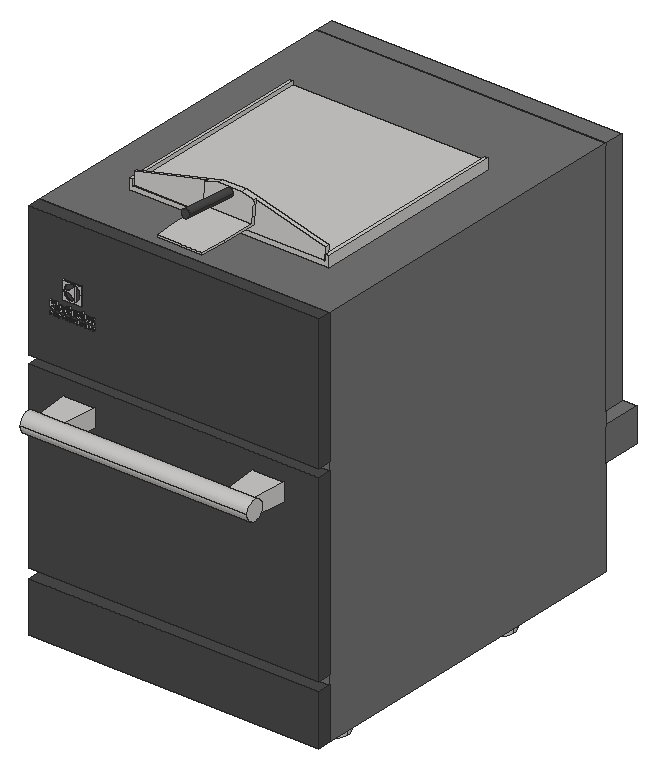
Revit family "QF_ELECTROLUXPROFESSIONAL_603952_EPRPROBTD", category Specialty Equipment, Revit 2023
Family settings
  Round Connector Dimension = Use Diameter
  Part Type = Normal
  Work Plane-Based = No
  Enable Cutting in Views = No
  Always vertical = Yes
  Cut with Voids When Loaded = No
  Maintain Annotation Orientation = No
  Shared = No
  Room Calculation Point = No
Parameters (values of type "Standard")
  Weight = 81.00 kg
  Watts = 0 W
  Volts = 380 V
  URL Manufacturer = "http://www.electroluxprofessional.com"
  URL = "http://www.electroluxprofessional.com"
  Steam Supply Size = 0 mm
  Steam Supply Minimum Pressure = 0.0 Pa
  Steam Supply Maximum Pressure = 0.0 Pa
  Steam Pounds per Hour = 0
  Show Logo [instance] = yes
  Show Clearance [instance] = yes
  Refrigeration Suction Line Size = 0 mm
  Refrigeration Liquid Line Size = 0 mm
  Refrigerant Compressor Remote = yes
  Manufacturer = "Electrolux Professional"
  Phase = 3
  Model = "EPRPROBTD"
  Length Actual = 460 mm
  Item Number = "603952"
  Hot Water Size = 0 mm
  Height Actual = 660 mm
  HP = "7.8 HP"
  Gas Size = 0 mm
  Gas KW = 0
  Gas Input Pressure = 0 W
  Direct Waste Size = 0 mm
  Description = "GOURMEXPRESS+ HIGH SPEED OVEN WITH DOUBLE MAGNETRON (5.8 KW) 380-415V/3N/50HZ - BLACK (603952 EPRPROBTD)"
  Depth Actual = 710 mm
  Default Elevation = 0 mm
  Cycle = 50 Hz
  Condensate Return Size = 0 mm
  Compressed Air Volume = 0.0 L/s
  Compressed Air Size = 0 mm
  Compressed Air Pressure = 0.0 Pa
  Cold Water Size = 0 mm
  Accessory = no
Reference planes
  plane 1 "Center X": y = 418.851
  plane 2: z = 0
  plane 3 "Center Y": x = 103.5
  plane 4 "BACK": y = 703.851
  plane 5 "FRONT": y = 133.851
  plane 6: z = 629
  plane 7 "TOP": z = 1239
  plane 8: y = -121.149
  plane 9 "RIGHT": x = 333.5
  plane 10 "LEFT": x = -126.5
  plane 11: x = -56.5
  plane 12: x = 263.5
  plane 13: y = 583.851
  plane 14: y = 253.851
  plane 15: z = 578
Forms (mm)
  Extrusion 1, solid, material "QF_Finishes_Dark Gray"
    sketch origin (0, 0, 578) x (1, 0, 0) y (0, 1, 0)
      loop
        line (-126.5, 703.851) -> (-126.5, 155.851) -> (333.5, 155.851) -> (333.5, 703.851) -> (-126.5, 703.851)
    from 51 to 661
  Extrusion 2, solid, material "QF_Finishes_Black"
    sketch origin (0, 0, 578) x (1, 0, 0) y (0, 1, 0)
      loop
        line (-126.5, 155.851) -> (-126.5, 133.851) -> (333.5, 133.851) -> (333.5, 155.851) -> (-126.5, 155.851)
    from 51 to 131
  Extrusion 3, solid, material "QF_Finishes_Black"
    sketch origin (0, 0, 673) x (1, 0, 0) y (0, 1, 0)
      loop
        line (-126.5, 155.851) -> (-126.5, 133.851) -> (333.5, 133.851) -> (333.5, 155.851) -> (-126.5, 155.851)
    from 51 to 341
  Extrusion 4, solid, material "QF_Finishes_Black"
    sketch origin (0, 0, 976) x (1, 0, 0) y (0, 1, 0)
      loop
        line (-126.5, 155.851) -> (-126.5, 133.851) -> (333.5, 133.851) -> (333.5, 155.851) -> (-126.5, 155.851)
    from 51 to 263
  Extrusion 5, solid, material "QF_Finishes_Dark Gray"
    sketch origin (-126.5, 0, 578) x (0, 1, 0) y (0, 0, 1)
      loop
        line (703.851, 661) -> (703.851, 281) -> (733.851, 281) -> (733.851, 661) -> (703.851, 661)
    from 0 to 460
  Extrusion 6, solid, material "QF_Finishes_Dark Gray"
    sketch origin (-126.5, 0, 578) x (0, 1, 0) y (0, 0, 1)
      loop
        line (703.851, 261) -> (703.851, 207) -> (763.851, 207) -> (763.851, 261) -> (703.851, 261)
    from 0 to 460
  Extrusion 7, solid, material "QF_Finishes_Dark Gray"
    sketch origin (-126.5, 703.851, 578) x (1, 0, 0) y (0, 0, -1)
      loop
        circle (230, -111) r 10
    from 0 to 10
  Extrusion 8, solid, material "QF_Finishes_Stainless Steel"
    sketch origin (-126.5, 15, 578) x (0, 1, 0) y (0, 0, 1)
      loop
        circle (53.851, 400) r 15
    from 50 to 410
  Extrusion 9, solid, material "QF_Finishes_Stainless Steel"
    sketch origin (0, 0, 578) x (1, 0, 0) y (0, 1, 0)
      loop
        line (-71.5, 133.851) -> (-64.668, 68.851) -> (-28.332, 68.851) -> (-21.5, 133.851) -> (-71.5, 133.851)
    from 382.4 to 410.034
  Extrusion 10, solid, material "QF_Finishes_Stainless Steel"
    sketch origin (207, 0, 578) x (-1, 0, 0) y (0, -1, 0)
      loop
        line (-71.5, -133.851) -> (-21.5, -133.851) -> (-28.332, -68.851) -> (-64.668, -68.851) -> (-71.5, -133.851)
    from 382.4 to 410.034
  Extrusion 11, solid, material "QF_Finishes_Stainless Steel"
    sketch origin (313.5, 559.851, 708) x (-1, 0, 0) y (0, 0, -1)
      loop
        line (367.5, -531) -> (52.5, -531) -> (52.5, -548) -> (57.5, -548) -> (57.5, -538) -> (362.5, -538) -> (362.5, -548) -> (367.5, -548) -> (367.5, -531)
    from 0 to 316
  Extrusion 12, solid, material "QF_Finishes_Stainless Steel"
    sketch origin (313.5, 192.398, 710.47) x (-1, 0, 0) y (0, -0.095638, -0.995416)
      loop
        line (362, -538.979) -> (58, -538.979) -> (58, -558.12) -> (191.039, -590.161) -> (228.961, -590.161) -> (362, -558.12) -> (362, -538.979)
    from 0 to -5
  Extrusion 13, solid, material "QF_Finishes_Stainless Steel"
    sketch origin (313.5, 192.398, 710.466) x (-1, 0, 0) y (0, -0.095638, -0.995416)
      loop
        line (228.961, -590.164) -> (248.405, -585.482) -> (248.405, -549.816) -> (171.595, -549.816) -> (171.595, -585.482) -> (191.039, -590.164) -> (228.961, -590.164)
    from 0 to 5
  Extrusion 14, solid, material "QF_Finishes_Stainless Steel"
    sketch origin (0, 1.059, 1239.429) x (1, 0, 0) y (0, 1, 0)
      loop
        line (65.095, 244.787) -> (65.095, 183.851) -> (68.512, 144.792) -> (138.488, 144.792) -> (141.905, 183.851) -> (141.905, 244.787) -> (65.095, 244.787)
    from 17.834 to 20.834
  Extrusion 15, solid, material "QF_Finishes_Black"
    sketch origin (313.5, 187.421, 710.944) x (-1, 0, 0) y (0, -0.095638, -0.995416)
      loop
        circle (210, -582.028) r 6.6
    from 0 to 86.671
  Extrusion 16, solid, material "QF_Door-Drawer Clearances", visible <- "Show Clearance", detail levels coarse
    sketch origin (-126.5, 0, 0) x (0, 1, 0) y (0, 0, 1)
      loop
        line (133.851, 724) -> (133.851, 1014)
        arc (133.851, 1014) -> (-53.454, 921.587) -> (-121.149, 724) r 273.889
        line (-121.149, 724) -> (133.851, 724)
    from 0 to 460
  Extrusion 17, solid, material "QF_Clearances", visible <- "Show Clearance", detail levels coarse
    sketch origin (0, 0, 1239) x (1, 0, 0) y (0, 1, 0)
      loop
        line (-126.5, 703.851) -> (333.5, 703.851) -> (333.5, 133.851) -> (393.5, 133.851) -> (393.5, 763.851) -> (-186.5, 763.851) -> (-186.5, 133.851) -> (-126.5, 133.851) -> (-126.5, 703.851)
    from -661 to 140
  Extrusion 18, solid, material "QF_Clearances", visible <- "Show Clearance", detail levels coarse
    sketch origin (0, 0, 1239) x (1, 0, 0) y (0, 1, 0)
      loop
        line (-126.5, 703.851) -> (-126.5, 133.851) -> (333.5, 133.851) -> (333.5, 703.851) -> (-126.5, 703.851)
    from 0 to 140
  Extrusion 19, solid, material "QF_Finishes_Stainless Steel"
    sketch origin (313.5, 429.285, 708) x (-1, 0, 0) y (0, 0, -1)
      loop
        line (362, -543.5) -> (362, -538.5) -> (58, -538.5) -> (58, -543.5) -> (362, -543.5)
    from -130.566 to 180.363
Cuts and joins
  joined: Extrusion 8, Extrusion 9, Extrusion 10
  joined: Extrusion 12, Extrusion 13, Extrusion 14, Extrusion 19
Lines and regions (mm)
  Split face 1
    outline origin (365.185, 133.851, 976) x (-1, 0, 0) y (0, 0, -1)
      loop
        line (491.685, -81) -> (363.685, -81) -> (351.685, -69) -> (171.685, -69) -> (159.685, -81) -> (31.685, -81)
  Split face 2
    outline origin (365.185, 133.851, 976) x (-1, 0, 0) y (0, 0, -1)
      loop
        line (316.685, -185) -> (316.685, -119) -> (206.685, -119) -> (206.685, -185) -> (316.685, -185)
  Split face 3
    outline origin (365.185, 133.851, 976) x (-1, 0, 0) y (0, 0, -1)
      loop
        circle (101.685, -153.968) r 15
  symbolic lines
    curve 1: line (-126.5, 703.851, 1239) -> (333.5, 703.851, 1239)
    curve 2: line (-126.5, 133.851, 1239) -> (-126.5, 703.851, 1239)
    curve 3: line (333.5, 133.851, 1239) -> (-126.5, 133.851, 1239)
    curve 4: line (333.5, 703.851, 1239) -> (333.5, 133.851, 1239)
    curve 5: line (-54, 559.851, 1239) -> (261, 559.851, 1239)
    curve 6: line (-54, 243.851, 1239) -> (-54, 559.851, 1239)
    curve 7: line (261, 243.851, 1239) -> (141.905, 243.851, 1239)
    curve 8: line (261, 559.851, 1239) -> (261, 243.851, 1239)
    curve 9: line (65.095, 248.392, 1239) -> (65.095, 184.91, 1239)
    curve 10: line (65.095, 184.91, 1239) -> (68.512, 145.851, 1239)
    curve 11: line (138.488, 145.851, 1239) -> (141.905, 184.91, 1239)
    curve 12: line (141.905, 184.91, 1239) -> (141.905, 248.392, 1239)
    curve 13: spline (110.1, 156.811, 1239) -> (109.875, 156.974, 1239) -> (109.216, 157.126, 1239) -> (108.167, 157.257, 1239) -> (106.8, 157.357, 1239) -> (105.208, 157.42, 1239) -> (103.5, 157.442, 1239) -> (101.792, 157.42, 1239) -> (100.2, 157.357, 1239) -> (98.833, 157.257, 1239) -> (97.784, 157.126, 1239) -> (97.125, 156.974, 1239) -> (96.9, 156.811, 1239)
    curve 14: spline (96.9, 156.811, 1239) -> (97.125, 156.647, 1239) -> (97.784, 156.495, 1239) -> (98.833, 156.364, 1239) -> (100.2, 156.264, 1239) -> (101.792, 156.201, 1239) -> (103.5, 156.18, 1239) -> (105.208, 156.201, 1239) -> (106.8, 156.264, 1239) -> (108.167, 156.364, 1239) -> (109.216, 156.495, 1239) -> (109.875, 156.647, 1239) -> (110.1, 156.811, 1239)
    curve 15: line (96.9, 156.811, 1239) -> (96.9, 243.084, 1239)
    curve 16: spline (96.9, 243.084, 1239) -> (97.125, 243.248, 1239) -> (97.784, 243.4, 1239) -> (98.833, 243.531, 1239) -> (100.2, 243.631, 1239) -> (101.792, 243.694, 1239) -> (103.5, 243.715, 1239) -> (105.208, 243.694, 1239) -> (106.8, 243.631, 1239) -> (108.167, 243.531, 1239) -> (109.216, 243.4, 1239) -> (109.875, 243.248, 1239) -> (110.1, 243.084, 1239)
    curve 17: line (110.1, 156.811, 1239) -> (110.1, 243.084, 1239)
    curve 18: line (-27.16, 80.001, 1239) -> (-21.5, 133.851, 1239)
    curve 19: line (-71.5, 133.851, 1239) -> (-65.84, 80.001, 1239)
    curve 20: line (-76.5, 83.851, 1239) -> (-66.245, 83.851, 1239)
    curve 21: line (-76.5, 53.851, 1239) -> (-76.5, 83.851, 1239)
    curve 22: line (283.5, 53.851, 1239) -> (-76.5, 53.851, 1239)
    curve 23: line (283.5, 83.851, 1239) -> (283.5, 53.851, 1239)
    curve 24: line (228.5, 133.851, 1239) -> (234.16, 80.001, 1239)
    curve 25: line (272.84, 80.001, 1239) -> (278.5, 133.851, 1239)
    curve 34: line (-126.5, 703.851, 1239) -> (-126.5, 733.851, 1239)
    curve 35: line (-126.5, 733.851, 1239) -> (333.5, 733.851, 1239)
    curve 36: line (333.5, 733.851, 1239) -> (333.5, 703.851, 1239)
    curve 37: line (-126.5, 733.851, 1239) -> (-126.5, 763.851, 1239)
    curve 38: line (333.5, 763.851, 1239) -> (333.5, 733.851, 1239)
    curve 39: line (-126.5, 763.851, 0) -> (333.5, 763.851, 0)
    curve 40: line (68.512, 145.851, 1239) -> (138.488, 145.851, 1239)
    curve 41: line (-26.755, 83.851, 1239) -> (233.755, 83.851, 1239)
    curve 42: line (273.245, 83.851, 1239) -> (283.5, 83.851, 1239)
    curve 43: line (234.16, 80.001, 1239) -> (272.84, 80.001, 1239)
    curve 44: line (-65.84, 80.001, 1239) -> (-27.16, 80.001, 1239)
    curve 45: spline (96.9, 243.085, 1239) -> (97.125, 243.248, 1239) -> (97.784, 243.4, 1239) -> (98.833, 243.531, 1239) -> (100.2, 243.631, 1239) -> (101.792, 243.694, 1239) -> (103.5, 243.716, 1239) -> (105.208, 243.694, 1239) -> (106.8, 243.631, 1239) -> (108.167, 243.531, 1239) -> (109.216, 243.4, 1239) -> (109.875, 243.248, 1239) -> (110.1, 243.085, 1239)
    curve 46: line (84.539, 253.817, 1239) -> (84.539, 243.863, 1239)
    curve 47: line (122.461, 243.863, 1239) -> (122.461, 253.817, 1239)
    curve 48: line (122.461, 253.817, 1239) -> (255.5, 250.752, 1239)
    curve 49: line (256, 559.851, 1239) -> (256, 243.851, 1239)
    curve 50: line (255.5, 243.851, 1239) -> (255.5, 559.851, 1239)
    curve 51: line (-48.5, 559.851, 1239) -> (-48.5, 243.851, 1239)
    curve 52: line (-49, 243.851, 1239) -> (-49, 559.851, 1239)
    curve 53: line (141.905, 248.392, 1239) -> (255.5, 245.775, 1239)
    curve 54: line (141.905, 240.198, 1239) -> (110.1, 240.198, 1239)
    curve 55: line (141.905, 243.415, 1239) -> (122.461, 243.863, 1239)
    curve 56: line (84.539, 243.863, 1239) -> (65.095, 243.415, 1239)
    curve 57: line (-48.5, 245.775, 1239) -> (65.095, 248.392, 1239)
    curve 58: line (-48.5, 250.752, 1239) -> (84.539, 253.817, 1239)
    curve 59: line (84.539, 253.817, 1239) -> (122.461, 253.817, 1239)
    curve 60: line (122.461, 243.863, 1239) -> (84.539, 243.863, 1239)
    curve 61: line (65.095, 243.851, 1239) -> (-54, 243.851, 1239)
    curve 62: line (96.9, 240.198, 1239) -> (65.095, 240.198, 1239)
  symbolic lines, style "QF_Door-Drawer Clearances"
    curve 26: line (-126.5, 133.851, 1239) -> (-126.5, -121.149, 1239)
    curve 27: line (-126.5, -121.149, 1239) -> (333.5, -121.149, 1239)
    curve 28: line (333.5, -121.149, 1239) -> (333.5, 133.851, 1239)
  symbolic lines, style "QF_Clearances"
    curve 29: line (-186.5, 763.851, 1239) -> (-126.5, 763.851, 1239)
    curve 30: line (393.5, 763.851, 1239) -> (393.5, 133.851, 1239)
    curve 31: line (393.5, 133.851, 1239) -> (333.5, 133.851, 1239)
    curve 32: line (-126.5, 133.851, 1239) -> (-186.5, 133.851, 1239)
    curve 33: line (-186.5, 133.851, 1239) -> (-186.5, 763.851, 1239)
    curve 63: line (333.5, 763.851, 1239) -> (393.5, 763.851, 1239)
Dimensions and locks
  plane 4 "BACK" to plane 5 "FRONT" = 570 mm
  equal spacing: plane 4 "BACK", plane 1 "Center X", plane 5 "FRONT"
  equal spacing: plane 10 "LEFT", plane 3 "Center Y", plane 9 "RIGHT"
  plane 10 "LEFT" to plane 9 "RIGHT" = 460 mm
  plane 5 "FRONT" to plane 8 = 255 mm
  plane 6 to plane 15 = 51 mm
  plane 7 "TOP" to plane 6 = 610 mm
  plane 11 to plane 12 = 320 mm
  plane 13 to plane 14 = 330 mm  (x2)
  plane 15 to level = 578 mm
  aligned and locked: level to plane 2
  aligned and locked: plane 12 to nested 2
  aligned and locked: plane 12 to nested 3
  aligned and locked: plane 11 to nested 1
  aligned and locked: plane 11 to nested 4
  aligned and locked: nested 4 to plane 13
  aligned and locked: nested 3 to plane 13
  aligned and locked: nested 1 to plane 14
  aligned and locked: nested 2 to plane 14
  aligned and locked: Extrusion 1 sketch curve to plane 4 "BACK"
  aligned and locked: plane 10 "LEFT" to Extrusion 1 sketch curve
  aligned and locked: Extrusion 1 sketch curve to plane 9 "RIGHT"
  aligned and locked: Extrusion 1 to plane 6
  aligned and locked: plane 7 "TOP" to Extrusion 1
  aligned and locked: Extrusion 2 sketch curve to Extrusion 1  (x2)
  aligned and locked: plane 5 "FRONT" to Extrusion 2 sketch curve
  aligned and locked: Extrusion 2 sketch curve to plane 9 "RIGHT"
  aligned and locked: Extrusion 2 to plane 6
  aligned and locked: plane 7 "TOP" to Extrusion 4
  aligned and locked: plane 9 "RIGHT" to Extrusion 5
  aligned and locked: plane 9 "RIGHT" to Extrusion 16
Automatic sketch dimensions
  Extrusion 9 sketch curve to plane 5 "FRONT" = 0 mm
  Extrusion 9 sketch curve to plane 11 = 8.168 mm
  plane 11 to Extrusion 9 sketch curve = 28.168 mm
  plane 11 to Extrusion 9 sketch curve = 35 mm
  Extrusion 10 sketch curve to plane 5 "FRONT" = 0 mm
  Extrusion 10 sketch curve to plane 12 = 8.168 mm
  plane 12 to Extrusion 10 sketch curve = 28.168 mm
  plane 12 to Extrusion 10 sketch curve = 35 mm
  Extrusion 12 sketch curve to plane 12 = 8 mm
  plane 3 "Center Y" to Extrusion 12 sketch curve = 18.961 mm
  Extrusion 12 sketch curve to plane 3 "Center Y" = 18.961 mm
  plane 11 to Extrusion 12 sketch curve = 8 mm
  Extrusion 12 sketch curve to Extrusion 12 sketch curve = 32.04 mm  (x2)
  Extrusion 12 sketch curve to Extrusion 12 sketch curve = 19.141 mm
  Extrusion 13 sketch curve to Extrusion 12 = 0 mm  (x5)
  Extrusion 13 sketch curve to Extrusion 12 = 10.834 mm
  Extrusion 13 sketch curve to Extrusion 13 sketch curve = 19.444 mm  (x2)
  Extrusion 14 sketch curve to plane 14 = 8.005 mm
  Extrusion 14 sketch curve to plane 3 "Center Y" = 38.405 mm
  plane 5 "FRONT" to Extrusion 14 sketch curve = 12 mm
  Extrusion 14 sketch curve to plane 3 "Center Y" = 34.988 mm
  plane 3 "Center Y" to Extrusion 14 sketch curve = 34.988 mm
  plane 3 "Center Y" to Extrusion 14 sketch curve = 38.405 mm
  Extrusion 15 sketch curve to Extrusion 13 = 8.137 mm
  Extrusion 15 sketch curve to Extrusion 13 = 38.405 mm
  Extrusion 9 sketch curve to plane 11 = 15 mm
  Extrusion 10 sketch curve to plane 12 = 15 mm
  Extrusion 9 sketch curve to plane 5 "FRONT" = 65 mm
  plane 5 "FRONT" to Extrusion 10 sketch curve = 65 mm
  plane 5 "FRONT" to Extrusion 1 sketch curve = 22 mm
  Extrusion 14 sketch curve to Extrusion 14 sketch curve = 39.059 mm  (x2)
  curve 39 to plane 10 "LEFT" = 0 mm
  curve 39 to plane 9 "RIGHT" = 0 mm
  plane 4 "BACK" to curve 39 = 60 mm
  Extrusion 3 sketch curve to plane 5 "FRONT" = 0 mm
  Extrusion 3 sketch curve to plane 10 "LEFT" = 0 mm
  Extrusion 3 sketch curve to plane 9 "RIGHT" = 0 mm
  plane 5 "FRONT" to Extrusion 3 sketch curve = 22 mm
  Extrusion 4 sketch curve to plane 5 "FRONT" = 0 mm
  Extrusion 4 sketch curve to plane 10 "LEFT" = 0 mm
  Extrusion 4 sketch curve to plane 9 "RIGHT" = 0 mm
  plane 5 "FRONT" to Extrusion 4 sketch curve = 22 mm
  Split face 1 sketch curve to Extrusion 4 = 0 mm
  Extrusion 4 to Split face 1 sketch curve = 0 mm
  Split face 1 sketch curve to Extrusion 4 = 30 mm
  Split face 1 sketch curve to Split face 1 sketch curve = 128 mm
  Split face 1 sketch curve to Split face 1 sketch curve = 12 mm  (x3)
  Split face 1 sketch curve to Extrusion 4 = 18 mm
  Split face 1 sketch curve to Extrusion 4 = 140 mm
  Split face 2 sketch curve to Extrusion 4 = 78 mm
  Split face 2 sketch curve to Extrusion 4 = 175 mm
  Split face 2 sketch curve to Split face 2 sketch curve = 110 mm
  Split face 2 sketch curve to Split face 2 sketch curve = 66 mm
  Split face 3 sketch curve to Extrusion 4 = 70 mm
  Split face 3 sketch curve to Extrusion 4 = 102.968 mm
  Extrusion 5 sketch curve to plane 4 "BACK" = 0 mm
  Extrusion 5 sketch curve to plane 7 "TOP" = 0 mm
  plane 4 "BACK" to Extrusion 5 sketch curve = 30 mm
  plane 6 to Extrusion 5 sketch curve = 230 mm
  Extrusion 6 sketch curve to plane 4 "BACK" = 0 mm
  plane 4 "BACK" to Extrusion 6 sketch curve = 60 mm
  plane 6 to Extrusion 6 sketch curve = 156 mm
  Extrusion 6 sketch curve to Extrusion 6 sketch curve = 54 mm
  Extrusion 1 to Extrusion 7 sketch curve = 60 mm
  Extrusion 7 sketch curve to Extrusion 1 = 230 mm
  Extrusion 8 sketch curve to plane 5 "FRONT" = 65 mm
  Extrusion 8 sketch curve to plane 7 "TOP" = 261 mm
  Extrusion 11 sketch curve to plane 7 "TOP" = 0 mm
  Extrusion 11 sketch curve to plane 12 = 2.5 mm
  Extrusion 11 sketch curve to plane 12 = 7.5 mm
  plane 11 to Extrusion 11 sketch curve = 7.5 mm
  plane 11 to Extrusion 11 sketch curve = 2.5 mm
  plane 7 "TOP" to Extrusion 11 sketch curve = 7 mm
  Extrusion 11 sketch curve to Extrusion 11 sketch curve = 10 mm  (x2)
  Extrusion 16 sketch curve to plane 8 = 0 mm
  Extrusion 16 sketch curve to plane 5 "FRONT" = 0 mm
  plane 5 "FRONT" to Extrusion 16 sketch curve = 18.377 mm
  plane 6 to Extrusion 16 sketch curve = 95 mm
  Extrusion 16 sketch curve to Extrusion 16 sketch curve = 16.729 mm
  Extrusion 17 sketch curve to Extrusion 1 = 0 mm  (x3)
  Extrusion 1 to Extrusion 17 sketch curve = 22 mm  (x2)
  Extrusion 1 to Extrusion 17 sketch curve = 60 mm  (x3)
  Extrusion 18 sketch curve to Extrusion 1 = 0 mm  (x3)
  Extrusion 1 to Extrusion 18 sketch curve = 22 mm
  Extrusion 19 sketch curve to plane 12 = 8 mm
  plane 11 to Extrusion 19 sketch curve = 8 mm
  plane 7 "TOP" to Extrusion 19 sketch curve = 12.5 mm
  Extrusion 19 sketch curve to Extrusion 19 sketch curve = 5 mm
  curve 37 to Extrusion 1 = 0 mm
  curve 4 to Extrusion 1 = 0 mm  (x2)
  Extrusion 1 to curve 33 = 22 mm
  Extrusion 1 to curve 33 = 60 mm  (x2)
  curve 20 to Extrusion 1 = 50 mm
  curve 20 to curve 19 = 10.66 mm
  curve 6 to Extrusion 1 = 72.5 mm
  curve 19 to curve 18 = 38.68 mm
  curve 6 to curve 9 = 119.095 mm
  Extrusion 1 to curve 40 = 10 mm
  curve 9 to curve 40 = 3.417 mm
  curve 9 to curve 46 = 19.444 mm
  curve 46 to curve 15 = 12.361 mm
  curve 17 to Extrusion 1 = 0.96 mm
  curve 13 to curve 17 = 13.2 mm
  curve 55 to Extrusion 1 = 88.012 mm
  curve 16 to curve 55 = 12.361 mm
  curve 13 to curve 11 = 28.388 mm
  curve 53 to Extrusion 1 = 92.541 mm
  curve 47 to curve 53 = 19.444 mm
  curve 24 to Extrusion 1 = 99.34 mm
  curve 5 to Extrusion 1 = 72.5 mm
  curve 24 to curve 43 = 38.68 mm
  curve 25 to curve 42 = 10.66 mm
  curve 63 to curve 30 = 60 mm
  curve 21 to curve 19 = 50 mm
  curve 42 to curve 25 = 50 mm
  curve 43 to curve 42 = 3.85 mm
  curve 44 to curve 20 = 3.85 mm
  curve 21 to curve 19 = 26.15 mm
  curve 28 to curve 22 = 175 mm
  curve 10 to Extrusion 1 = 29.059 mm
  curve 11 to Extrusion 1 = 29.059 mm
  curve 17 to curve 47 = 0.779 mm
  curve 6 to Extrusion 1 = 88 mm
  curve 8 to Extrusion 1 = 88 mm
  curve 61 to curve 9 = 4.541 mm
  curve 47 to curve 47 = 9.954 mm
  curve 5 to Extrusion 1 = 144 mm
  Extrusion 1 to curve 38 = 30 mm
  Extrusion 1 to curve 30 = 60 mm
  curve 20 to curve 19 = 5 mm
  curve 5 to curve 52 = 5 mm
  curve 52 to curve 58 = 0.5 mm
  curve 18 to curve 41 = 0.405 mm
  curve 19 to curve 18 = 50 mm
  curve 45 to curve 15 = 0 mm
  curve 45 to curve 16 = 0 mm
  curve 24 to curve 24 = 5.66 mm
  curve 53 to curve 7 = 5.5 mm
  curve 50 to curve 49 = 0.5 mm
  curve 25 to curve 42 = 0.405 mm
  curve 62 to curve 61 = 3.653 mm
  curve 54 to curve 7 = 3.653 mm
  curve 15 to curve 45 = 0 mm
  curve 55 to curve 7 = 0.436 mm
  curve 56 to curve 61 = 0.436 mm
  curve 51 to curve 57 = 1.924 mm
  curve 50 to curve 53 = 1.924 mm
  curve 57 to curve 58 = 4.977 mm
  curve 53 to curve 48 = 4.977 mm
  radius of Extrusion 15 sketch curve = 6.6 mm
  radius of Split face 3 sketch curve = 15 mm
  radius of Extrusion 7 sketch curve = 10 mm
  radius of Extrusion 8 sketch curve = 15 mm
Nested families
  nested 1: "Foot_Complete" at (-56.5, 253.851, 578), type "Foot_Complete"
  nested 2: "Foot_Complete" at (263.5, 253.851, 578), type "Foot_Complete"
  nested 3: "Foot_Complete" at (263.5, 583.851, 578), type "Foot_Complete"
  nested 4: "Foot_Complete" at (-56.5, 583.851, 578), type "Foot_Complete"
  nested 5: "ELX_Logo_Professional" at (-56.5, 133.851, 1122.524) x (1, 0, 0) z (0, -1, 0), visible <- "Show Logo", type "ELX_Logo_Professional"
Connectors
  electrical at (103.5, 713.851, 689)
    settings: on Extrusion 7, index 1, voltage 0 V, apparent load 0 VA, apparent load phase1 0 VA, apparent load phase2 0 VA, apparent load phase3 0 VA, power factor 1, load classification "Altro", number of poles 1, system type 30, power factor state 1, is connector primary yes, connector utility no, sub classification motor no, connector description "Electrical"
Definition of nested family "Foot_Complete"
  Parameters (values of type "Foot_Complete")
    R = 25 mm
    H = 51 mm
    Default Elevation = 0 mm
  Reference planes
    plane 1 "Centro (Fronte/Retro)": y = 0
    plane 2: z = 0
    plane 3 "Centro (Sinistra/Destra)": x = 0
    plane 4: z = 51
  Forms (mm)
    Revolve 1, solid
      sketch origin (255.05, 0, 608.09) x (0, 0, 1) y (-1, 0, 0)
        loop
          line (-608.09, 255.05) -> (-608.09, 235.05) -> (-597.09, 235.05) -> (-597.09, 230.05) -> (-557.09, 230.05) -> (-557.09, 255.05) -> (-608.09, 255.05)
        axis (-608.09, 255.05) -> (-557.09, 255.05)
      angle from 0 to 360
  Dimensions and locks
    level to Revolve 1 sketch curve = 11 mm
    "R": Revolve 1 sketch curve to plane 3 "Centro (Sinistra/Destra)"
    "H": plane 4 to level
    aligned and locked: level to plane 2
    aligned and locked: plane 4 to Revolve 1 sketch curve
    aligned and locked: Revolve 1 sketch curve to level
    aligned and locked: plane 3 "Centro (Sinistra/Destra)" to Revolve 1 sketch curve
  Automatic sketch dimensions
    Revolve 1 sketch curve to plane 3 "Centro (Sinistra/Destra)" = 0 mm
    Revolve 1 sketch curve to Revolve 1 sketch curve = 5 mm
    Revolve 1 sketch curve to Revolve 1 sketch curve = 50 mm
    Revolve 1 sketch curve to Revolve 1 sketch curve = 20 mm
Definition of nested family "ELX_Logo_Professional"
  Parameters (values of type "ELX_Logo_Professional")
    materiale = none
    Default Elevation = 0 mm
  Reference planes
    plane 1 "Centro (Fronte/Retro)": y = 0
    plane 2: z = 0
    plane 3 "Centro (Sinistra/Destra)": x = 0
  Forms (mm)
    Extrusion 1, solid
      sketch origin (0, 0, 0) x (1, 0, 0) y (0, 1, 0)
        loop
          line (-1219.2, 1219.2) -> (-1219.2, -1219.2) -> (1219.2, -1219.2) -> (1219.2, 1219.2) -> (-1219.2, 1219.2)
      from 0 to -304.8
    Extrusion 2, solid, material <- "materiale"
      sketch origin (-144.622, -1081.55, 0) x (-1, 0, 0) y (0, -1, 0)
        loop
          line (-130.265, -1113.361) -> (-130.265, -1084.645) -> (-158.979, -1084.645) -> (-158.979, -1113.361) -> (-130.265, -1113.361)
        loop
          arc (-146.24, -1106.937) -> (-147.076, -1109.166) -> (-147.324, -1111.534) r 9.395
          arc (-147.324, -1111.534) -> (-145.139, -1111.806) -> (-142.939, -1111.706) r 13.008
          line (-142.939, -1111.706) -> (-141.329, -1111.382) -> (-139.8, -1110.859) -> (-138.364, -1110.152) -> (-137.035, -1109.277) -> (-135.826, -1108.249) -> (-134.751, -1107.081) -> (-133.821, -1105.789) -> (-133.05, -1104.389) -> (-132.452, -1102.893) -> (-132.039, -1101.318) -> (-131.824, -1099.675) -> (-134.539, -1099.675) -> (-136.155, -1099.784) -> (-137.741, -1100.101) -> (-139.277, -1100.613) -> (-140.74, -1101.304) -> (-142.111, -1102.159) -> (-143.367, -1103.165) -> (-144.488, -1104.306) -> (-145.453, -1105.568) -> (-146.24, -1106.937)
        loop
          line (-148.67, -1086.844) -> (-150.173, -1087.464) -> (-151.57, -1088.253) -> (-152.847, -1089.196) -> (-153.992, -1090.281) -> (-154.994, -1091.494) -> (-155.841, -1092.821) -> (-156.519, -1094.25) -> (-157.018, -1095.766) -> (-157.324, -1097.357) -> (-157.427, -1099.009) -> (-157.315, -1100.685) -> (-156.998, -1102.296) -> (-156.488, -1103.827) -> (-155.799, -1105.265) -> (-154.946, -1106.596) -> (-153.94, -1107.806) -> (-152.796, -1108.882) -> (-151.528, -1109.81) -> (-150.148, -1110.576) -> (-148.67, -1111.167) -> (-148.67, -1086.844)
        loop
          arc (-147.323, -1086.473) -> (-147.041, -1088.83) -> (-146.239, -1091.065) r 10.532
          line (-146.239, -1091.065) -> (-145.452, -1092.432) -> (-144.488, -1093.693) -> (-143.367, -1094.833) -> (-142.111, -1095.838) -> (-140.741, -1096.693) -> (-139.278, -1097.383) -> (-137.743, -1097.894) -> (-136.157, -1098.211) -> (-134.541, -1098.32) -> (-131.822, -1098.32) -> (-131.976, -1096.81) -> (-132.312, -1095.353) -> (-132.818, -1093.961) -> (-133.481, -1092.644) -> (-134.291, -1091.416) -> (-135.235, -1090.288) -> (-136.302, -1089.272) -> (-137.48, -1088.379) -> (-138.757, -1087.622) -> (-140.121, -1087.012) -> (-141.56, -1086.561) -> (-143.063, -1086.281) -> (-144.633, -1086.183)
          arc (-144.633, -1086.183) -> (-145.985, -1086.264) -> (-147.323, -1086.473) r 14.39
        loop
          line (-111.329, -1069.559) -> (-111.329, -1071.073) -> (-116.048, -1071.073) -> (-116.048, -1072.896) -> (-111.328, -1072.896) -> (-111.328, -1075.549) -> (-116.349, -1075.549) -> (-116.349, -1077.368) -> (-109.396, -1077.368) -> (-109.396, -1073.46) -> (-109.396, -1069.659)
          arc (-109.396, -1069.659) -> (-110.425, -1067.175) -> (-112.909, -1066.146) r 3.513
          line (-112.909, -1066.146) -> (-116.483, -1066.146) -> (-116.483, -1067.963) -> (-112.925, -1067.963)
          arc (-112.925, -1067.963) -> (-111.797, -1068.431) -> (-111.329, -1069.559) r 1.596
        loop
          line (-119.79, -1077.358) -> (-117.856, -1077.358) -> (-117.856, -1072.053) -> (-117.856, -1066.132) -> (-119.79, -1066.132) -> (-119.79, -1072.092) -> (-119.79, -1077.358)
        loop
          line (-122.986, -1069.718) -> (-129.327, -1069.718)
          arc (-129.327, -1069.718) -> (-129.219, -1071.449) -> (-128.497, -1073.026) r 4.757
          arc (-128.497, -1073.026) -> (-125.237, -1074.5) -> (-121.978, -1073.026) r 4.34
          arc (-121.978, -1073.026) -> (-121.072, -1070.207) -> (-121.978, -1067.388) r 4.838
          arc (-121.978, -1067.388) -> (-125.393, -1065.933) -> (-128.809, -1067.388) r 4.737
          line (-128.809, -1067.388) -> (-127.645, -1068.52)
          arc (-127.645, -1068.52) -> (-125.509, -1067.576) -> (-123.374, -1068.52) r 2.888
          arc (-123.374, -1068.52) -> (-123.05, -1069.077) -> (-122.986, -1069.718) r 1.527
        loop
          arc (-127.386, -1071.076) -> (-126.67, -1072.331) -> (-125.331, -1072.872) r 2.201
          arc (-125.331, -1072.872) -> (-123.848, -1072.402) -> (-123.033, -1071.076) r 2.23
          line (-123.033, -1071.076) -> (-127.386, -1071.076)
        loop
          line (-136.862, -1071.886) -> (-138.059, -1073.132)
          arc (-138.059, -1073.132) -> (-130.327, -1070.219) -> (-138.059, -1067.306) r 4.415
          line (-138.059, -1067.306) -> (-136.862, -1068.553)
          arc (-136.862, -1068.553) -> (-132.252, -1070.22) -> (-136.862, -1071.886) r 2.606
        loop
          line (-141.192, -1069.673) -> (-141.192, -1072.494) -> (-142.951, -1072.494) -> (-142.951, -1074.25) -> (-141.195, -1074.25) -> (-141.195, -1077.358) -> (-139.262, -1077.358) -> (-139.262, -1073.332) -> (-139.262, -1069.514)
          arc (-139.262, -1069.514) -> (-140.299, -1066.92) -> (-142.98, -1066.132) r 3.196
          line (-142.98, -1066.132) -> (-142.987, -1067.949)
          arc (-142.987, -1067.949) -> (-141.652, -1068.356) -> (-141.192, -1069.673) r 1.542
        loop
          line (-146.494, -1073.042) -> (-146.494, -1074.25) -> (-144.576, -1074.25) -> (-144.576, -1070.271) -> (-144.576, -1066.132) -> (-146.494, -1066.132) -> (-146.494, -1070.401)
          arc (-146.494, -1070.401) -> (-147.446, -1072.228) -> (-149.489, -1072.494) r 2.229
          line (-149.489, -1072.494) -> (-149.489, -1074.362)
          arc (-149.489, -1074.362) -> (-147.761, -1074.226) -> (-146.494, -1073.042) r 2.627
        loop
          line (-159.833, -1072.246) -> (-159.833, -1066.131) -> (-161.767, -1066.131) -> (-161.767, -1072.17) -> (-161.767, -1077.359) -> (-159.833, -1077.359) -> (-159.833, -1072.246)
        loop
          line (-165.194, -1069.514) -> (-165.194, -1074.25) -> (-163.245, -1074.25) -> (-163.245, -1071.898) -> (-163.245, -1069.098)
          arc (-163.245, -1069.098) -> (-166.96, -1065.769) -> (-170.687, -1069.085) r 3.745
          line (-170.687, -1069.085) -> (-170.687, -1071.898) -> (-170.687, -1074.25) -> (-168.739, -1074.25) -> (-168.739, -1069.514)
          arc (-168.739, -1069.514) -> (-166.967, -1067.742) -> (-165.194, -1069.514) r 1.772
        loop
          line (-174.654, -1070.416) -> (-172.975, -1068.078) -> (-171.578, -1066.131) -> (-173.656, -1066.131) -> (-175.717, -1068.999) -> (-177.779, -1066.131) -> (-179.857, -1066.131) -> (-178, -1068.728) -> (-176.781, -1070.433) -> (-178.29, -1072.488) -> (-179.583, -1074.25) -> (-177.473, -1074.25) -> (-175.717, -1071.818) -> (-173.945, -1074.25) -> (-171.852, -1074.25) -> (-173.052, -1072.608) -> (-174.654, -1070.416)
        loop
          circle (-154.223, -1070.188) r 2.508
        loop
          circle (-154.223, -1070.188) r 4.42
        loop
          line (-110.224, -1058.542) -> (-111.194, -1058.542)
          arc (-111.194, -1058.542) -> (-112.217, -1059.95) -> (-110.924, -1061.114) r 1.3
          line (-110.924, -1061.114) -> (-109.424, -1061.114) -> (-109.424, -1057.223) -> (-110.224, -1057.223) -> (-110.224, -1058.542)
        loop
          line (-110.224, -1060.379) -> (-110.224, -1059.293) -> (-111.03, -1059.293)
          arc (-111.03, -1059.293) -> (-111.43, -1059.836) -> (-111.03, -1060.379) r 0.569
          line (-111.03, -1060.379) -> (-110.224, -1060.379)
        loop
          line (-116.302, -1058.564) -> (-117.128, -1058.564) -> (-117.934, -1057.223) -> (-118.841, -1057.223) -> (-117.833, -1058.884)
          arc (-117.833, -1058.884) -> (-118.214, -1060.282) -> (-117.028, -1061.114) r 1.26
          line (-117.028, -1061.114) -> (-115.503, -1061.114) -> (-115.503, -1057.223) -> (-116.302, -1057.223) -> (-116.302, -1058.564)
        loop
          line (-116.302, -1060.379) -> (-116.302, -1059.293) -> (-117.109, -1059.293)
          arc (-117.109, -1059.293) -> (-117.508, -1059.836) -> (-117.109, -1060.379) r 0.569
          line (-117.109, -1060.379) -> (-116.302, -1060.379)
        loop
          line (-128.923, -1057.223) -> (-129.723, -1057.223) -> (-129.723, -1058.714) -> (-131.187, -1058.714) -> (-131.187, -1059.514) -> (-129.723, -1059.514) -> (-129.723, -1060.314) -> (-131.327, -1060.314) -> (-131.327, -1061.114) -> (-128.923, -1061.114) -> (-128.923, -1057.223)
        loop
          arc (-134.628, -1058.469) -> (-134.992, -1057.588) -> (-135.874, -1057.223) r 1.246
          line (-135.874, -1057.223) -> (-137.13, -1057.223) -> (-137.13, -1058.023) -> (-135.969, -1058.023)
          arc (-135.969, -1058.023) -> (-135.53, -1058.237) -> (-135.427, -1058.714) r 0.558
          line (-135.427, -1058.714) -> (-136.984, -1058.714) -> (-136.984, -1059.514) -> (-135.427, -1059.514) -> (-135.427, -1060.314) -> (-137.092, -1060.314) -> (-137.092, -1061.114) -> (-134.628, -1061.114) -> (-134.628, -1058.469)
        loop
          line (-152.3, -1057.223) -> (-153.1, -1057.223) -> (-153.1, -1061.114) -> (-152.3, -1061.114) -> (-152.3, -1057.223)
        loop
          line (-164.67, -1057.223) -> (-164.67, -1059.67) -> (-166.45, -1057.223) -> (-167.25, -1057.223) -> (-167.25, -1061.114) -> (-166.42, -1061.114) -> (-166.42, -1058.594) -> (-164.64, -1061.114) -> (-163.84, -1061.114) -> (-163.84, -1057.223) -> (-164.67, -1057.223)
        loop
          line (-170.403, -1057.223) -> (-171.262, -1057.223) -> (-171.641, -1058.063) -> (-173.08, -1058.063) -> (-173.459, -1057.223) -> (-174.317, -1057.223) -> (-172.796, -1061.113) -> (-171.996, -1061.113) -> (-170.403, -1057.223)
        loop
          line (-177.493, -1057.223) -> (-179.789, -1057.223) -> (-179.789, -1058.023) -> (-178.293, -1058.023) -> (-178.293, -1061.114) -> (-177.493, -1061.114) -> (-177.493, -1057.223)
        loop
          line (-172.362, -1059.848) -> (-171.945, -1058.83) -> (-172.76, -1058.83) -> (-172.362, -1059.848)
        loop
          circle (-158.484, -1059.145) r 1.288
        loop
          circle (-158.484, -1059.145) r 2.065
        loop
          arc (-146.04, -1058.095) -> (-146.933, -1057.275) -> (-148.145, -1057.245) r 1.725
          arc (-148.145, -1057.245) -> (-148.965, -1058.02) -> (-148.68, -1059.111) r 1.107
          arc (-148.68, -1059.111) -> (-148.103, -1059.465) -> (-147.486, -1059.746) r 5.523
          arc (-147.486, -1059.746) -> (-147.147, -1060.262) -> (-147.708, -1060.52) r 0.407
          arc (-147.708, -1060.52) -> (-148.045, -1060.315) -> (-148.325, -1060.038) r 1.702
          line (-148.325, -1060.038) -> (-149.011, -1060.45)
          arc (-149.011, -1060.45) -> (-148.578, -1060.911) -> (-148.043, -1061.247) r 2.463
          arc (-148.043, -1061.247) -> (-146.373, -1060.466) -> (-147.42, -1058.949) r 1.207
          spline (-147.42, -1058.949) -> (-147.716, -1058.809) -> (-147.932, -1058.678) -> (-148.077, -1058.557) -> (-148.163, -1058.446) -> (-148.198, -1058.347) -> (-148.192, -1058.258) -> (-148.157, -1058.182) -> (-148.102, -1058.118) -> (-148.037, -1058.068) -> (-147.972, -1058.031) -> (-147.917, -1058.008) -> (-147.883, -1058)
          arc (-147.883, -1058) -> (-147.238, -1058.014) -> (-146.759, -1058.446) r 0.925
          line (-146.759, -1058.446) -> (-146.04, -1058.095)
        loop
          arc (-140.18, -1058.095) -> (-141.073, -1057.275) -> (-142.285, -1057.245) r 1.725
          arc (-142.285, -1057.245) -> (-143.106, -1058.02) -> (-142.821, -1059.111) r 1.107
          arc (-142.821, -1059.111) -> (-142.243, -1059.465) -> (-141.627, -1059.746) r 5.523
          arc (-141.627, -1059.746) -> (-141.287, -1060.262) -> (-141.849, -1060.52) r 0.407
          arc (-141.849, -1060.52) -> (-142.185, -1060.315) -> (-142.466, -1060.038) r 1.702
          line (-142.466, -1060.038) -> (-143.151, -1060.45)
          arc (-143.151, -1060.45) -> (-142.719, -1060.911) -> (-142.183, -1061.247) r 2.463
          arc (-142.183, -1061.247) -> (-140.513, -1060.466) -> (-141.56, -1058.949) r 1.207
          spline (-141.56, -1058.949) -> (-141.856, -1058.809) -> (-142.072, -1058.678) -> (-142.218, -1058.557) -> (-142.303, -1058.446) -> (-142.338, -1058.347) -> (-142.333, -1058.258) -> (-142.298, -1058.182) -> (-142.242, -1058.118) -> (-142.177, -1058.068) -> (-142.112, -1058.031) -> (-142.057, -1058.008) -> (-142.023, -1058)
          arc (-142.023, -1058) -> (-141.378, -1058.014) -> (-140.9, -1058.446) r 0.925
          line (-140.9, -1058.446) -> (-140.18, -1058.095)
        loop
          circle (-123.484, -1059.145) r 1.288
        loop
          circle (-123.484, -1059.145) r 2.065
      from 0 to 1.6
  Lines and regions (mm)
    symbolic lines
      curve 1: line (-14.357, 31.811, 0) -> (14.357, 31.811, 0)
      curve 2: line (-14.357, 3.095, 0) -> (-14.357, 31.811, 0)
      curve 3: line (14.357, 3.095, 0) -> (-14.357, 3.095, 0)
      curve 4: line (14.357, 31.811, 0) -> (14.357, 3.095, 0)
      curve 5: line (-8.32, 7.722, 0) -> (-9.387, 8.738, 0)
      curve 6: line (-9.387, 8.738, 0) -> (-10.331, 9.866, 0)
      curve 7: line (-10.331, 9.866, 0) -> (-11.141, 11.095, 0)
      curve 8: line (-11.141, 11.095, 0) -> (-11.805, 12.411, 0)
      curve 9: line (-11.805, 12.411, 0) -> (-12.31, 13.803, 0)
      curve 10: line (-12.31, 13.803, 0) -> (-12.646, 15.26, 0)
      curve 11: line (-12.646, 15.26, 0) -> (-12.8, 16.77, 0)
      curve 12: line (-12.8, 16.77, 0) -> (-10.081, 16.77, 0)
      curve 13: line (-10.081, 16.77, 0) -> (-8.466, 16.661, 0)
      curve 14: line (-8.466, 16.661, 0) -> (-6.88, 16.344, 0)
      curve 15: line (-6.88, 16.344, 0) -> (-5.345, 15.833, 0)
      curve 16: line (-5.345, 15.833, 0) -> (-3.882, 15.143, 0)
      curve 17: line (-3.882, 15.143, 0) -> (-2.511, 14.288, 0)
      curve 18: line (-2.511, 14.288, 0) -> (-1.255, 13.283, 0)
      curve 19: line (-1.255, 13.283, 0) -> (-0.135, 12.143, 0)
      curve 20: line (-0.135, 12.143, 0) -> (0.83, 10.882, 0)
      curve 21: line (0.83, 10.882, 0) -> (1.616, 9.515, 0)
      curve 22: arc (1.616, 9.515, 0) -> (2.419, 7.28, 0) -> (2.7, 4.923, 0) r 10.532
      curve 23: arc (2.7, 4.923, 0) -> (1.362, 4.715, 0) -> (0.011, 4.633, 0) r 14.39
      curve 24: line (0.011, 4.633, 0) -> (-1.56, 4.731, 0)
      curve 25: line (-1.56, 4.731, 0) -> (-3.062, 5.011, 0)
      curve 26: line (-3.062, 5.011, 0) -> (-4.502, 5.462, 0)
      curve 27: line (-4.502, 5.462, 0) -> (-5.866, 6.072, 0)
      curve 28: line (-5.866, 6.072, 0) -> (-7.142, 6.829, 0)
      curve 29: line (-7.142, 6.829, 0) -> (-8.32, 7.722, 0)
      curve 30: line (-10.802, 24.24, 0) -> (-9.872, 25.531, 0)
      curve 31: line (-9.872, 25.531, 0) -> (-8.796, 26.699, 0)
      curve 32: line (-8.796, 26.699, 0) -> (-7.587, 27.728, 0)
      curve 33: line (-7.587, 27.728, 0) -> (-6.258, 28.602, 0)
      curve 34: line (-6.258, 28.602, 0) -> (-4.823, 29.309, 0)
      curve 35: line (-4.823, 29.309, 0) -> (-3.293, 29.832, 0)
      curve 36: line (-3.293, 29.832, 0) -> (-1.683, 30.156, 0)
      curve 37: arc (-1.683, 30.156, 0) -> (0.517, 30.256, 0) -> (2.702, 29.984, 0) r 13.008
      curve 38: arc (2.702, 29.984, 0) -> (2.453, 27.616, 0) -> (1.617, 25.387, 0) r 9.395
      curve 39: line (1.617, 25.387, 0) -> (0.83, 24.018, 0)
      curve 40: line (0.83, 24.018, 0) -> (-0.134, 22.756, 0)
      curve 41: line (-0.134, 22.756, 0) -> (-1.255, 21.615, 0)
      curve 42: line (-1.255, 21.615, 0) -> (-2.512, 20.609, 0)
      curve 43: line (-2.512, 20.609, 0) -> (-3.882, 19.754, 0)
      curve 44: line (-3.882, 19.754, 0) -> (-5.346, 19.063, 0)
      curve 45: line (-5.346, 19.063, 0) -> (-6.881, 18.551, 0)
      curve 46: line (-6.881, 18.551, 0) -> (-8.467, 18.234, 0)
      curve 47: line (-8.467, 18.234, 0) -> (-10.083, 18.125, 0)
      curve 48: line (-10.083, 18.125, 0) -> (-12.798, 18.125, 0)
      curve 49: line (-12.798, 18.125, 0) -> (-12.584, 19.768, 0)
      curve 50: line (-12.584, 19.768, 0) -> (-12.171, 21.343, 0)
      curve 51: line (-12.171, 21.343, 0) -> (-11.572, 22.839, 0)
      curve 52: line (-11.572, 22.839, 0) -> (-10.802, 24.24, 0)
      curve 53: line (4.048, 5.294, 0) -> (4.048, 29.617, 0)
      curve 54: line (4.048, 29.617, 0) -> (5.525, 29.026, 0)
      curve 55: line (5.525, 29.026, 0) -> (6.905, 28.26, 0)
      curve 56: line (6.905, 28.26, 0) -> (8.174, 27.332, 0)
      curve 57: line (8.174, 27.332, 0) -> (9.318, 26.256, 0)
      curve 58: line (9.318, 26.256, 0) -> (10.323, 25.046, 0)
      curve 59: line (10.323, 25.046, 0) -> (11.177, 23.715, 0)
      curve 60: line (11.177, 23.715, 0) -> (11.865, 22.277, 0)
      curve 61: line (11.865, 22.277, 0) -> (12.375, 20.746, 0)
      curve 62: line (12.375, 20.746, 0) -> (12.693, 19.135, 0)
      curve 63: line (12.693, 19.135, 0) -> (12.804, 17.459, 0)
      curve 64: line (12.804, 17.459, 0) -> (12.702, 15.807, 0)
      curve 65: line (12.702, 15.807, 0) -> (12.396, 14.216, 0)
      curve 66: line (12.396, 14.216, 0) -> (11.897, 12.7, 0)
      curve 67: line (11.897, 12.7, 0) -> (11.218, 11.271, 0)
      curve 68: line (11.218, 11.271, 0) -> (10.372, 9.944, 0)
      curve 69: line (10.372, 9.944, 0) -> (9.37, 8.731, 0)
      curve 70: line (9.37, 8.731, 0) -> (8.224, 7.646, 0)
      curve 71: line (8.224, 7.646, 0) -> (6.947, 6.703, 0)
      curve 72: line (6.947, 6.703, 0) -> (5.551, 5.914, 0)
      curve 73: line (5.551, 5.914, 0) -> (4.048, 5.294, 0)
      curve 74: line (-35.227, -8.09, 0) -> (-35.227, -11.891, 0)
      curve 75: arc (-35.227, -11.891, 0) -> (-34.198, -14.375, 0) -> (-31.714, -15.404, 0) r 3.513
      curve 76: line (-31.714, -15.404, 0) -> (-28.139, -15.404, 0)
      curve 77: line (-28.139, -15.404, 0) -> (-28.139, -13.587, 0)
      curve 78: line (-28.139, -13.587, 0) -> (-31.697, -13.587, 0)
      curve 79: arc (-31.697, -13.587, 0) -> (-32.826, -13.119, 0) -> (-33.293, -11.991, 0) r 1.596
      curve 80: line (-33.293, -11.991, 0) -> (-33.293, -10.477, 0)
      curve 81: line (-33.293, -10.477, 0) -> (-28.574, -10.477, 0)
      curve 82: line (-28.574, -10.477, 0) -> (-28.574, -8.654, 0)
      curve 83: line (-28.574, -8.654, 0) -> (-33.294, -8.654, 0)
      curve 84: line (-33.294, -8.654, 0) -> (-33.294, -6.001, 0)
      curve 85: line (-33.294, -6.001, 0) -> (-28.273, -6.001, 0)
      curve 86: line (-28.273, -6.001, 0) -> (-28.273, -4.182, 0)
      curve 87: line (-28.273, -4.182, 0) -> (-35.227, -4.182, 0)
      curve 88: line (-35.227, -4.182, 0) -> (-35.227, -8.09, 0)
      curve 89: line (-24.833, -9.458, 0) -> (-24.833, -4.192, 0)
      curve 90: line (-24.833, -4.192, 0) -> (-26.766, -4.192, 0)
      curve 91: line (-26.766, -4.192, 0) -> (-26.766, -9.497, 0)
      curve 92: line (-26.766, -9.497, 0) -> (-26.766, -15.418, 0)
      curve 93: line (-26.766, -15.418, 0) -> (-24.833, -15.418, 0)
      curve 94: line (-24.833, -15.418, 0) -> (-24.833, -9.458, 0)
      curve 95: arc (-16.125, -8.524, 0) -> (-19.385, -7.05, 0) -> (-22.645, -8.524, 0) r 4.34
      curve 96: arc (-22.645, -8.524, 0) -> (-23.551, -11.343, 0) -> (-22.645, -14.162, 0) r 4.838
      curve 97: arc (-22.645, -14.162, 0) -> (-19.229, -15.617, 0) -> (-15.813, -14.162, 0) r 4.737
      curve 98: line (-15.813, -14.162, 0) -> (-16.978, -13.03, 0)
      curve 99: arc (-16.978, -13.03, 0) -> (-19.113, -13.974, 0) -> (-21.249, -13.03, 0) r 2.888
      curve 100: arc (-21.249, -13.03, 0) -> (-21.572, -12.473, 0) -> (-21.637, -11.832, 0) r 1.527
      curve 101: line (-21.637, -11.832, 0) -> (-15.295, -11.832, 0)
      curve 102: arc (-15.295, -11.832, 0) -> (-15.404, -10.101, 0) -> (-16.125, -8.524, 0) r 4.757
      curve 103: line (-17.236, -10.474, 0) -> (-21.589, -10.474, 0)
      curve 104: arc (-21.589, -10.474, 0) -> (-20.774, -9.148, 0) -> (-19.291, -8.678, 0) r 2.23
      curve 105: arc (-19.291, -8.678, 0) -> (-17.952, -9.219, 0) -> (-17.236, -10.474, 0) r 2.201
      curve 106: arc (-6.563, -8.418, 0) -> (-14.295, -11.331, 0) -> (-6.563, -14.244, 0) r 4.415
      curve 107: line (-6.563, -14.244, 0) -> (-7.761, -12.997, 0)
      curve 108: arc (-7.761, -12.997, 0) -> (-12.371, -11.33, 0) -> (-7.761, -9.664, 0) r 2.606
      curve 109: line (-7.761, -9.664, 0) -> (-6.563, -8.418, 0)
      curve 110: line (-5.361, -4.192, 0) -> (-5.361, -8.218, 0)
      curve 111: line (-5.361, -8.218, 0) -> (-5.361, -12.036, 0)
      curve 112: arc (-5.361, -12.036, 0) -> (-4.323, -14.63, 0) -> (-1.642, -15.418, 0) r 3.196
      curve 113: line (-1.642, -15.418, 0) -> (-1.636, -13.601, 0)
      curve 114: arc (-1.636, -13.601, 0) -> (-2.97, -13.194, 0) -> (-3.43, -11.877, 0) r 1.542
      curve 115: line (-3.43, -11.877, 0) -> (-3.43, -9.056, 0)
      curve 116: line (-3.43, -9.056, 0) -> (-1.672, -9.056, 0)
      curve 117: line (-1.672, -9.056, 0) -> (-1.672, -7.299, 0)
      curve 118: line (-1.672, -7.299, 0) -> (-3.427, -7.299, 0)
      curve 119: line (-3.427, -7.299, 0) -> (-3.427, -4.192, 0)
      curve 120: line (-3.427, -4.192, 0) -> (-5.361, -4.192, 0)
      curve 121: line (1.872, -7.3, 0) -> (-0.046, -7.3, 0)
      curve 122: line (-0.046, -7.3, 0) -> (-0.046, -11.279, 0)
      curve 123: line (-0.046, -11.279, 0) -> (-0.046, -15.418, 0)
      curve 124: line (-0.046, -15.418, 0) -> (1.872, -15.418, 0)
      curve 125: line (1.872, -15.418, 0) -> (1.872, -11.149, 0)
      curve 126: arc (1.872, -11.149, 0) -> (2.824, -9.322, 0) -> (4.867, -9.056, 0) r 2.229
      curve 127: line (4.867, -9.056, 0) -> (4.867, -7.188, 0)
      curve 128: arc (4.867, -7.188, 0) -> (3.138, -7.324, 0) -> (1.872, -8.508, 0) r 2.627
      curve 129: line (1.872, -8.508, 0) -> (1.872, -7.3, 0)
      curve 130: arc (7.092, -11.362, 0) -> (9.601, -8.854, 0) -> (12.109, -11.362, 0) r 2.508
      curve 131: arc (12.109, -11.362, 0) -> (9.601, -13.871, 0) -> (7.092, -11.362, 0) r 2.508
      curve 132: arc (5.18, -11.362, 0) -> (9.601, -15.783, 0) -> (14.021, -11.362, 0) r 4.42
      curve 133: arc (14.021, -11.362, 0) -> (9.601, -6.942, 0) -> (5.18, -11.362, 0) r 4.42
      curve 134: line (15.211, -4.191, 0) -> (15.211, -9.304, 0)
      curve 135: line (15.211, -9.304, 0) -> (15.211, -15.419, 0)
      curve 136: line (15.211, -15.419, 0) -> (17.145, -15.419, 0)
      curve 137: line (17.145, -15.419, 0) -> (17.145, -9.38, 0)
      curve 138: line (17.145, -9.38, 0) -> (17.145, -4.191, 0)
      curve 139: line (17.145, -4.191, 0) -> (15.211, -4.191, 0)
      curve 140: line (18.622, -7.299, 0) -> (18.622, -9.652, 0)
      curve 141: line (18.622, -9.652, 0) -> (18.622, -12.452, 0)
      curve 142: arc (18.622, -12.452, 0) -> (22.338, -15.781, 0) -> (26.064, -12.465, 0) r 3.745
      curve 143: line (26.064, -12.465, 0) -> (26.064, -9.652, 0)
      curve 144: line (26.064, -9.652, 0) -> (26.064, -7.299, 0)
      curve 145: line (26.064, -7.299, 0) -> (24.116, -7.299, 0)
      curve 146: line (24.116, -7.299, 0) -> (24.116, -12.036, 0)
      curve 147: arc (24.116, -12.036, 0) -> (22.344, -13.808, 0) -> (20.572, -12.036, 0) r 1.772
      curve 148: line (20.572, -12.036, 0) -> (20.572, -7.299, 0)
      curve 149: line (20.572, -7.299, 0) -> (18.622, -7.299, 0)
      curve 150: line (28.43, -8.942, 0) -> (30.032, -11.134, 0)
      curve 151: line (30.032, -11.134, 0) -> (28.353, -13.472, 0)
      curve 152: line (28.353, -13.472, 0) -> (26.955, -15.419, 0)
      curve 153: line (26.955, -15.419, 0) -> (29.033, -15.419, 0)
      curve 154: line (29.033, -15.419, 0) -> (31.095, -12.551, 0)
      curve 155: line (31.095, -12.551, 0) -> (33.156, -15.419, 0)
      curve 156: line (33.156, -15.419, 0) -> (35.234, -15.419, 0)
      curve 157: line (35.234, -15.419, 0) -> (33.378, -12.822, 0)
      curve 158: line (33.378, -12.822, 0) -> (32.158, -11.117, 0)
      curve 159: line (32.158, -11.117, 0) -> (33.668, -9.062, 0)
      curve 160: line (33.668, -9.062, 0) -> (34.961, -7.3, 0)
      curve 161: line (34.961, -7.3, 0) -> (32.851, -7.3, 0)
      curve 162: line (32.851, -7.3, 0) -> (31.095, -9.732, 0)
      curve 163: line (31.095, -9.732, 0) -> (29.323, -7.3, 0)
      curve 164: line (29.323, -7.3, 0) -> (27.23, -7.3, 0)
      curve 165: line (27.23, -7.3, 0) -> (28.43, -8.942, 0)
      curve 166: line (-35.198, -20.436, 0) -> (-35.198, -24.327, 0)
      curve 167: line (-35.198, -24.327, 0) -> (-34.398, -24.327, 0)
      curve 168: line (-34.398, -24.327, 0) -> (-34.398, -23.008, 0)
      curve 169: line (-34.398, -23.008, 0) -> (-33.428, -23.008, 0)
      curve 170: arc (-33.428, -23.008, 0) -> (-32.405, -21.6, 0) -> (-33.699, -20.436, 0) r 1.3
      curve 171: line (-33.699, -20.436, 0) -> (-35.198, -20.436, 0)
      curve 172: line (-34.398, -22.257, 0) -> (-34.398, -21.171, 0)
      curve 173: line (-34.398, -21.171, 0) -> (-33.592, -21.171, 0)
      curve 174: arc (-33.592, -21.171, 0) -> (-33.192, -21.714, 0) -> (-33.592, -22.257, 0) r 0.569
      curve 175: line (-33.592, -22.257, 0) -> (-34.398, -22.257, 0)
      curve 176: line (-29.12, -20.436, 0) -> (-29.12, -24.327, 0)
      curve 177: line (-29.12, -24.327, 0) -> (-28.32, -24.327, 0)
      curve 178: line (-28.32, -24.327, 0) -> (-28.32, -22.986, 0)
      curve 179: line (-28.32, -22.986, 0) -> (-27.494, -22.986, 0)
      curve 180: line (-27.494, -22.986, 0) -> (-26.688, -24.327, 0)
      curve 181: line (-26.688, -24.327, 0) -> (-25.781, -24.327, 0)
      curve 182: line (-25.781, -24.327, 0) -> (-26.789, -22.666, 0)
      curve 183: arc (-26.789, -22.666, 0) -> (-26.409, -21.268, 0) -> (-27.594, -20.436, 0) r 1.26
      curve 184: line (-27.594, -20.436, 0) -> (-29.12, -20.436, 0)
      curve 185: line (-28.32, -22.257, 0) -> (-28.32, -21.171, 0)
      curve 186: line (-28.32, -21.171, 0) -> (-27.514, -21.171, 0)
      curve 187: arc (-27.514, -21.171, 0) -> (-27.114, -21.714, 0) -> (-27.514, -22.257, 0) r 0.569
      curve 188: line (-27.514, -22.257, 0) -> (-28.32, -22.257, 0)
      curve 189: arc (-22.427, -22.405, 0) -> (-21.138, -21.117, 0) -> (-19.85, -22.405, 0) r 1.288
      curve 190: arc (-19.85, -22.405, 0) -> (-21.138, -23.694, 0) -> (-22.427, -22.405, 0) r 1.288
      curve 191: arc (-23.203, -22.405, 0) -> (-21.138, -24.47, 0) -> (-19.074, -22.405, 0) r 2.065
      curve 192: arc (-19.074, -22.405, 0) -> (-21.138, -20.34, 0) -> (-23.203, -22.405, 0) r 2.065
      curve 193: line (-15.7, -20.436, 0) -> (-15.7, -24.327, 0)
      curve 194: line (-15.7, -24.327, 0) -> (-14.9, -24.327, 0)
      curve 195: line (-14.9, -24.327, 0) -> (-14.9, -22.836, 0)
      curve 196: line (-14.9, -22.836, 0) -> (-13.436, -22.836, 0)
      curve 197: line (-13.436, -22.836, 0) -> (-13.436, -22.036, 0)
      curve 198: line (-13.436, -22.036, 0) -> (-14.9, -22.036, 0)
      curve 199: line (-14.9, -22.036, 0) -> (-14.9, -21.236, 0)
      curve 200: line (-14.9, -21.236, 0) -> (-13.295, -21.236, 0)
      curve 201: line (-13.295, -21.236, 0) -> (-13.295, -20.436, 0)
      curve 202: line (-13.295, -20.436, 0) -> (-15.7, -20.436, 0)
      curve 203: line (-9.995, -20.436, 0) -> (-9.995, -23.081, 0)
      curve 204: arc (-9.995, -23.081, 0) -> (-9.63, -23.962, 0) -> (-8.749, -24.327, 0) r 1.246
      curve 205: line (-8.749, -24.327, 0) -> (-7.492, -24.327, 0)
      curve 206: line (-7.492, -24.327, 0) -> (-7.492, -23.527, 0)
      curve 207: line (-7.492, -23.527, 0) -> (-8.653, -23.527, 0)
      curve 208: arc (-8.653, -23.527, 0) -> (-9.092, -23.313, 0) -> (-9.195, -22.836, 0) r 0.558
      curve 209: line (-9.195, -22.836, 0) -> (-7.639, -22.836, 0)
      curve 210: line (-7.639, -22.836, 0) -> (-7.639, -22.036, 0)
      curve 211: line (-7.639, -22.036, 0) -> (-9.195, -22.036, 0)
      curve 212: line (-9.195, -22.036, 0) -> (-9.195, -21.236, 0)
      curve 213: line (-9.195, -21.236, 0) -> (-7.53, -21.236, 0)
      curve 214: line (-7.53, -21.236, 0) -> (-7.53, -20.436, 0)
      curve 215: line (-7.53, -20.436, 0) -> (-9.995, -20.436, 0)
      curve 216: arc (-4.442, -23.455, 0) -> (-3.549, -24.275, 0) -> (-2.337, -24.305, 0) r 1.725
      curve 217: arc (-2.337, -24.305, 0) -> (-1.517, -23.53, 0) -> (-1.802, -22.439, 0) r 1.107
      curve 218: arc (-1.802, -22.439, 0) -> (-2.379, -22.085, 0) -> (-2.996, -21.804, 0) r 5.523
      curve 219: arc (-2.996, -21.804, 0) -> (-3.336, -21.288, 0) -> (-2.774, -21.03, 0) r 0.407
      curve 220: arc (-2.774, -21.03, 0) -> (-2.437, -21.235, 0) -> (-2.157, -21.512, 0) r 1.702
      curve 221: line (-2.157, -21.512, 0) -> (-1.471, -21.1, 0)
      curve 222: arc (-1.471, -21.1, 0) -> (-1.904, -20.639, 0) -> (-2.44, -20.303, 0) r 2.463
      curve 223: arc (-2.44, -20.303, 0) -> (-4.109, -21.084, 0) -> (-3.062, -22.601, 0) r 1.207
      curve 224: line (-3.062, -22.601, 0) -> (-2.6, -23.549, 0)
      curve 225: arc (-2.6, -23.549, 0) -> (-3.244, -23.536, 0) -> (-3.723, -23.104, 0) r 0.925
      curve 226: line (-3.723, -23.104, 0) -> (-4.442, -23.455, 0)
      curve 227: arc (1.418, -23.455, 0) -> (2.311, -24.275, 0) -> (3.523, -24.305, 0) r 1.725
      curve 228: arc (3.523, -24.305, 0) -> (4.343, -23.53, 0) -> (4.058, -22.439, 0) r 1.107
      curve 229: arc (4.058, -22.439, 0) -> (3.48, -22.085, 0) -> (2.864, -21.804, 0) r 5.523
      curve 230: arc (2.864, -21.804, 0) -> (2.524, -21.288, 0) -> (3.086, -21.03, 0) r 0.407
      curve 231: arc (3.086, -21.03, 0) -> (3.423, -21.235, 0) -> (3.703, -21.512, 0) r 1.702
      curve 232: line (3.703, -21.512, 0) -> (4.389, -21.1, 0)
      curve 233: arc (4.389, -21.1, 0) -> (3.956, -20.639, 0) -> (3.42, -20.303, 0) r 2.463
      curve 234: arc (3.42, -20.303, 0) -> (1.75, -21.084, 0) -> (2.798, -22.601, 0) r 1.207
      curve 235: line (2.798, -22.601, 0) -> (3.26, -23.549, 0)
      curve 236: arc (3.26, -23.549, 0) -> (2.616, -23.536, 0) -> (2.137, -23.104, 0) r 0.925
      curve 237: line (2.137, -23.104, 0) -> (1.418, -23.455, 0)
      curve 238: line (7.678, -24.327, 0) -> (8.478, -24.327, 0)
      curve 239: line (8.478, -24.327, 0) -> (8.478, -20.436, 0)
      curve 240: line (8.478, -20.436, 0) -> (7.678, -20.436, 0)
      curve 241: line (7.678, -20.436, 0) -> (7.678, -24.327, 0)
      curve 242: arc (11.797, -22.405, 0) -> (13.862, -24.47, 0) -> (15.926, -22.405, 0) r 2.065
